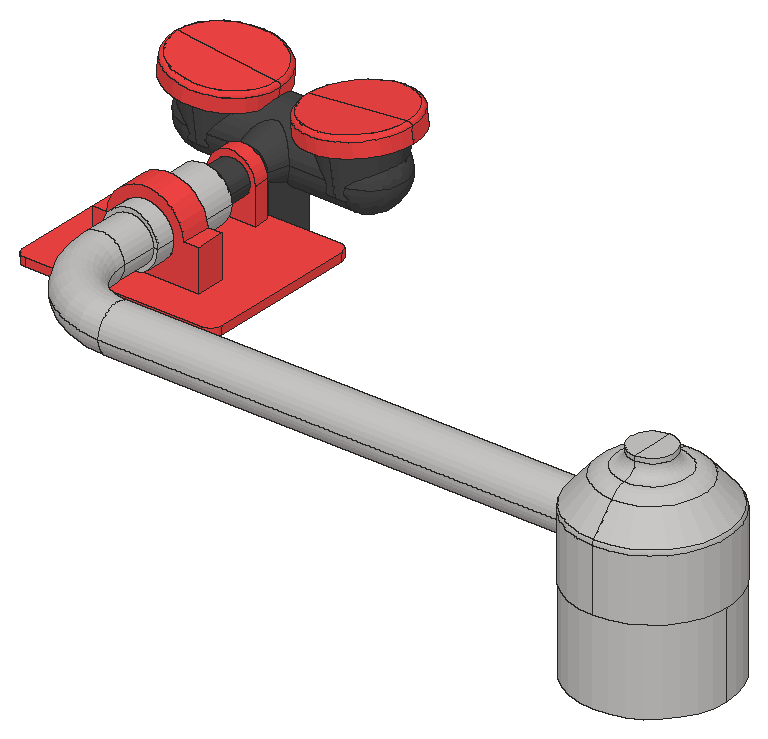
Revit family "Emergency_Equipment-Tepid-Swing_Over_Eye_Face_Wash-S2560_S2561", category Plumbing Fixtures, Revit 2016
Family settings
  Part Type = Normal
  Round Connector Dimension = Use Diameter
  OmniClass Number = 23.45.05.14.24
  OmniClass Title = Eye Wash Fountains
  Work Plane-Based = Yes
  Always vertical = No
  Cut with Voids When Loaded = No
  Shared = No
  Room Calculation Point = No
Parameters (values of type "2560-NP-NFT Left")
  nso [instance] = not([Swing Over / Actuate])  # yes
  Width = 1' - 2 77/256"  # constant formula
  Waste Connection = no
  Version = "2016-v1.0a"  # constant formula
  Vent Connection = no
  URL = "www.tepid.com"
  Swing Over / Actuate [instance] = no
  Right = not(Left)  # yes
  Product Page URL = "http://www.tepid.com/products/s2560-np-nft-nana/"
  Product Name = "Deck Mounted Swing Out Eye-Face Wash"  # constant formula
  Product Documentation Link = "http://www.tepid.com/wp-content/uploads/SpSh-S2260S2560.pdf"
  Pipe Finish = Metal - Stingray - Stainless Steel SS
  Model = "S2560-NP-NFT"
  Manufacturer Phone Number = "(888) 445-4142"  # constant formula
  Manufacturer Email = "customerservice@drenchshower.com"
  Manufacturer Address = "5330 East 25th Street Indianapolis Indiana 46218"  # constant formula
  Manufacturer = "Stingray Systems"  # constant formula
  Length = 1' - 2 77/256"  # constant formula
  Supply Connection = 1/2"  # constant formula
  Left = no
  Height = 0' - 3 77/128"  # constant formula
  HW Connection = yes
  Filter = no
  Dimension Disclaimer = "Dimensions are ±0.50”. Design and specifications are subject to change without notice."  # constant formula
  Description = "Deck Mounted Eye-Face Wash"  # constant formula
  Default Elevation = 4' - 0"
  Copyright = "© 2018 Stingray Systems"  # constant formula
  CW Connection = yes
  Angle [instance] = if(and(Left, [Swing Over / Actuate]), 90.00°, if(and(Right, [Swing Over / Actuate]), -90.00°, 0.00°))  # 0.00°
Types (5): name | Right | Model | Left | Filter
  (no name) | yes | "S2560-NP-NFT" | no | no
  S2561-NP-NFT Right | no | "S2561-NP-NFT" | yes | no
  S2561-NP-FLT Right | no | "S2561-NP-FLT" | yes | yes
  2560-NP-NFT Left | yes | "S2560-NP-NFT" | no | no
  2560-NP-FLT Left | yes | "S2560-NP-FLT" | no | yes
Reference planes (in)
  plane 1 "Center (Front/Back)": y = 0
  plane 2: z = 0
  plane 3 "Center (Left/Right)": x = 0
  plane 4 "R": z = 1.47976
  plane 5: z = 3.5
Forms (in)
  Extrusion 1, solid, material "Metal - Stingray - Stainless Steel SS" <- "Pipe Finish"
    sketch origin (0, 0, 5.37709) x (-1, 0, 0) y (0, -1, 0)
      loop
        circle (0, 0) r 1.3
    from -5.37709 to -3.89733
Lines and regions (in)
  reference lines
    curve 1: line (0, 0, 5.37709) -> (0, 6.5, 5.37709)
    curve 2: line (0, 0, 5.37709) -> (10.75, 0, 5.37709)
Dimensions and locks (in)
  locked: plane 4 "R" to plane 2 at 1.47976
  diameter of Extrusion 1 sketch curve = 0' - 2.6"
  locked: curve 2 to curve 1 (angle 90.00°)
  "Angle": angle plane 1 "Center (Front/Back)" to curve 2
  "Angle": angle plane 1 "Center (Front/Back)" to nested 1
  aligned and locked: plane 2 to level
  aligned and locked: plane 3 "Center (Left/Right)" to Extrusion 1 sketch curve
  aligned and locked: plane 1 "Center (Front/Back)" to Extrusion 1 sketch curve
  aligned and locked: Extrusion 1 to level
  aligned and locked: plane 4 "R" to Extrusion 1
  aligned and locked: plane 1 "Center (Front/Back)" to curve 1
  aligned and locked: plane 3 "Center (Left/Right)" to curve 1
  aligned and locked: curve 2 to nested 1
  aligned and locked: curve 1 to nested 1
Nested families (in)
  nested 1: "Swing_Over_Eye_Wash" at (0, 0, 1.47976) x (-1, 0, 0) z (0, 0, 1), type "Swing Over Eyewash"
    with Right yes, Left no
Connectors (in)
  piping at (0, 0, 0), diameter 0.5, driven by "Supply Connection"
    settings: on Extrusion 1, index 1, connector inside diameter 24", connector length 0' - 0", flow factor 0, pipe flow 0 GPM, pressure drop 0.00 psi, fitting loss kfactor 0, connector angle 0.00°, fixture units 0, engagement length 0' - 0", angle of deflection 0.00°, flow configuration 0, flow direction 1, fitting loss method 0, system type 22, joint type 0, gender type 0, connector reference index -1, connector utility 0, adjustable connector no, is connector primary yes, connector description "Supply Connection"
Definition of nested family "Swing_Over_Eye_Wash"
  Parameters (values of type "Swing Over Eyewash")
    Width = 0' - 7 3/4"  # constant formula
    Waste Connection = no
    Version = "2015 v1.0a"  # constant formula
    Vent Connection = no
    URL = "www.tepid.com"
    Right = not(Left)  # no
    Product Page URL = ""
    Product Name = ""
    Product Documentation Link = ""
    Pipe Finish = none
    Model = ""
    Manufacturer Phone Number = "(888) 445-4142"  # constant formula
    Manufacturer Email = ""
    Manufacturer Address = "5330 East 25th Street Indianapolis Indiana 46218"  # constant formula
    Manufacturer = "Stingray Systems"  # constant formula
    Length = 1' - 2 1/2"  # constant formula
    Supply Connection = 1"  # constant formula
    Left = yes
    Height = 0' - 3 1/2"  # constant formula
    HW Connection = yes
    Drain Connection = 1"  # constant formula
    Description = ""
    Default Elevation = 4' - 0"
    Copyright = "© 2018 Stingray Systems"  # constant formula
    CW Connection = yes
  Reference planes (in)
    plane 1 "Center (Front/Back)": y = 0
    plane 2: z = 0
    plane 3 "Center (Left/Right)": x = 0
    plane 4 "C": x = 10.75
    plane 5 "c": z = 0.625
    plane 6 "L": y = 5.59375
    plane 7 "R": y = -5.59375
  Forms (in)
    Extrusion 1, solid, visible <- "Right"
      sketch origin (10.625, 2.12449, 2.40613) x (1, 0, 0) y (0, 1, 0)
        loop
          line (-1.41501, -6.81268) -> (1.66501, -6.81268)
          arc (1.66501, -6.81268) -> (1.80035, -6.75662) -> (1.85642, -6.62128) r 0.19141
          line (1.85642, -6.62128) -> (1.85642, -4.00409)
          arc (1.85642, -4.00409) -> (1.80035, -3.86875) -> (1.66501, -3.81268) r 0.19141
          line (1.66501, -3.81268) -> (-1.41394, -3.81268)
          arc (-1.41394, -3.81268) -> (-1.54929, -3.86875) -> (-1.60535, -4.00409) r 0.19141
          line (-1.60535, -4.00409) -> (-1.60535, -6.62235)
          arc (-1.60535, -6.62235) -> (-1.5496, -6.75694) -> (-1.41501, -6.81268) r 0.19034
      from -2.45774 to -2.602
    Revolve 2, solid, visible <- "Right"
      sketch origin (0, 0, 0.625) x (0, 1, 0) y (-1, 0, 0)
        loop
          arc (-5.59758, -8.80972) -> (-6.02665, -8.98745) -> (-6.20437, -9.41652) r 0.6068
          line (-6.20437, -9.41652) -> (-6.20437, -12.08348)
          arc (-6.20437, -12.08348) -> (-6.02665, -12.51255) -> (-5.59758, -12.69028) r 0.6068
          line (-5.59758, -12.69028) -> (-5.59758, -8.80972)
        axis (-5.59758, -8.80972) -> (-5.59758, -12.69028)
      angle from 0 to 360
    Revolve 3, solid, visible <- "Right"
      sketch origin (0, -5.59375, 0) x (1, 0, 0) y (0, 0, 1)
        loop
          line (9.60703, 1.53577) -> (9.57192, 1.20179) -> (10.50229, 1.104) -> (10.5288, 1.35617)
          arc (10.5288, 1.35617) -> (10.51442, 1.40777) -> (10.47542, 1.4445) r 0.09978
          line (10.47542, 1.4445) -> (9.60703, 1.53577)
        axis (9.57192, 1.20179) -> (9.60703, 1.53577)
      angle from 0 to 360
    SweptBlend 4, solid, visible <- "Right"
      path origin (10.75, 0, 0) x (0, -1, 0) y (0, 0, 1)
        loop
          line (5.59375, 0.38887) -> (5.59375, 1.30447)
      profile origin (10.75, -5.59375, 0.38887) x (0, 1, 0) y (-1, 0, 0)
        loop
          circle (0, 1.19806) r 0.59209
      end profile origin (10.75, -5.59375, 1.30447) x (0, 1, 0) y (-1, 0, 0)
        loop
          circle (0, 1.19806) r 0.72537
    Revolve 5, solid
      sketch origin (0, 0, -1.49204) x (0, 1, 0) y (0, 0, 1)
        loop
          line (0, 1.49204) -> (1.30913, 1.49204) -> (1.30913, 2.57383)
          arc (1.30913, 2.57383) -> (1.3032, 2.61564) -> (1.28792, 2.655) r 0.18435
          line (1.28792, 2.655) -> (0.89023, 3.11107)
          arc (0.89023, 3.11107) -> (0.75781, 3.21315) -> (0.59635, 3.25661) r 0.42729
          arc (0.59635, 3.25661) -> (0.43978, 3.33206) -> (0.37929, 3.495) r 0.23246
          line (0.37929, 3.495) -> (0.37929, 3.5756) -> (0, 3.5756) -> (0, 1.49204)
        axis (0, 1.49204) -> (0, 3.5756)
      angle from 0 to 360
    Extrusion 6, solid, visible <- "Right"
      sketch origin (10.625, 0.98297, 0.625) x (0, 0, -1) y (1, 0, 0)
        loop
          arc (-0.04972, 0.79978) -> (-0.67661, 0.125) -> (-0.04972, -0.54978) r 0.67661
          line (-0.04972, -0.54978) -> (-0.04972, -0.79978) -> (0.67661, -0.79978) -> (0.67661, 1.04978) -> (-0.04972, 1.04978) -> (-0.04972, 0.79978)
        loop
          circle (0, 0.125) r 0.48438
      from 3.36087 to 3.87291
    Extrusion 7, solid, visible <- "Right"
      sketch origin (10.75, 0.98297, 0.625) x (0, 0, -1) y (1, 0, 0)
        loop
          arc (0, 0.41953) -> (-0.41953, 0) -> (0, -0.41953) r 0.41953
          line (0, -0.41953) -> (0.625, -0.41953) -> (0.625, 0.41953) -> (0, 0.41953)
        loop
          circle (0, 0) r 0.3125
      from 5.24199 to 5.49502
    Extrusion 8, solid, visible <- "Right"
      sketch origin (10.73634, 6.40917, 0.625) x (0, 0, 1) y (0, -1, 0)
        loop
          line (0, 12) -> (-2.05923, 12) -> (-2.05923, 11.29429)
          arc (-2.05923, 11.29429) -> (-2.00745, 11.16929) -> (-1.88245, 11.11752) r 0.17678
          line (-1.88245, 11.11752) -> (0, 11.11752) -> (0, 12)
      from -0.27171 to 0.29904
    Revolve 9, solid, visible <- "Right"
      sketch origin (0, -5.59375, 0) x (1, 0, 0) y (0, 0, 1)
        loop
          line (11.89297, 1.53577) -> (11.02458, 1.4445)
          arc (11.02458, 1.4445) -> (10.98558, 1.40777) -> (10.9712, 1.35617) r 0.09978
          line (10.9712, 1.35617) -> (10.99771, 1.104) -> (11.92808, 1.20179) -> (11.89297, 1.53577)
        axis (11.92808, 1.20179) -> (11.89297, 1.53577)
      angle from 0 to 360
    SweptBlend 10, solid, visible <- "Right"
      path origin (10.75, 0, 0) x (0, -1, 0) y (0, 0, 1)
        loop
          line (5.59375, 0.38887) -> (5.59375, 1.30447)
      profile origin (10.75, -5.59375, 0.38887) x (0, 1, 0) y (-1, 0, 0)
        loop
          circle (0, -1.19806) r 0.59209
      end profile origin (10.75, -5.59375, 1.30447) x (0, 1, 0) y (-1, 0, 0)
        loop
          circle (0, -1.19806) r 0.72537
    Revolve 11, solid, material <- "Pipe Finish", visible <- "Right"
      sketch origin (0, 0, 0.625) x (0, 1, 0) y (-1, 0, 0)
        loop
          line (-5.48503, -10.75) -> (-5.48503, -11.29817) -> (-4.64668, -11.0625) -> (-3.71484, -11.0625) -> (-3.71484, -11.16953) -> (-3.65, -11.23438) -> (-2.04396, -11.23438) -> (-2.04396, -10.75) -> (-5.48503, -10.75)
        axis (-2.04396, -10.75) -> (-5.48503, -10.75)
      angle from 0 to 360
    Sweep 12, solid, material <- "Pipe Finish", visible <- "Right"
      path origin (0, 0, 0.625) x (0, 1, 0) y (-1, 0, 0)
        loop
          line (-2.04396, -10.75) -> (-1.4038, -10.75)
          arc (-1.4038, -10.75) -> (-0.41116, -10.33884) -> (0, -9.3462) r 1.4038
          line (0, -9.3462) -> (0, 0)
      profile origin (4.6731, 0, 0.625) x (0, -1, 0) y (0, 0, 1)
        loop
          circle (0, 0) r 0.40625
    Revolve 13, solid, material <- "Pipe Finish", visible <- "Left"
      sketch origin (0, 0, 0.625) x (0, -1, 0) y (-1, 0, 0)
        loop
          line (-5.48503, -10.75) -> (-5.48503, -11.29817) -> (-4.64668, -11.0625) -> (-3.71484, -11.0625) -> (-3.71484, -11.16953) -> (-3.65, -11.23438) -> (-2.04396, -11.23438) -> (-2.04396, -10.75) -> (-5.48503, -10.75)
        axis (-2.04396, -10.75) -> (-5.48503, -10.75)
      angle from 0 to 360
    Sweep 14, solid, material <- "Pipe Finish", visible <- "Left"
      path origin (0, 0, 0.625) x (0, -1, 0) y (-1, 0, 0)
        loop
          line (-2.04396, -10.75) -> (-1.4038, -10.75)
          arc (-1.4038, -10.75) -> (-0.41116, -10.33884) -> (0, -9.3462) r 1.4038
          line (0, -9.3462) -> (0, 0)
      profile origin (4.6731, 0, 0.625) x (0, -1, 0) y (0, 0, 1)
        loop
          circle (0, 0) r 0.40625
    Extrusion 15, solid, visible <- "Left"
      sketch origin (10.625, -2.12449, 2.40613) x (-1, 0, 0) y (0, -1, 0)
        loop
          arc (1.41501, -6.81268) -> (1.5496, -6.75694) -> (1.60535, -6.62235) r 0.19034
          line (1.60535, -6.62235) -> (1.60535, -4.00409)
          arc (1.60535, -4.00409) -> (1.54929, -3.86875) -> (1.41394, -3.81268) r 0.19141
          line (1.41394, -3.81268) -> (-1.66501, -3.81268)
          arc (-1.66501, -3.81268) -> (-1.80035, -3.86875) -> (-1.85642, -4.00409) r 0.19141
          line (-1.85642, -4.00409) -> (-1.85642, -6.62128)
          arc (-1.85642, -6.62128) -> (-1.80035, -6.75662) -> (-1.66501, -6.81268) r 0.19141
          line (-1.66501, -6.81268) -> (1.41501, -6.81268)
      from -2.45774 to -2.602
    Revolve 16, solid, visible <- "Left"
      sketch origin (0, 0, 0.625) x (0, -1, 0) y (-1, 0, 0)
        loop
          arc (-5.59758, -8.80972) -> (-6.02665, -8.98745) -> (-6.20437, -9.41652) r 0.6068
          line (-6.20437, -9.41652) -> (-6.20437, -12.08348)
          arc (-6.20437, -12.08348) -> (-6.02665, -12.51255) -> (-5.59758, -12.69028) r 0.6068
          line (-5.59758, -12.69028) -> (-5.59758, -8.80972)
        axis (-5.59758, -8.80972) -> (-5.59758, -12.69028)
      angle from 0 to 360
    Revolve 17, solid, visible <- "Left"
      sketch origin (0, 5.59375, 0) x (1, 0, 0) y (0, 0, 1)
        loop
          line (9.60703, 1.53577) -> (9.57192, 1.20179) -> (10.50229, 1.104) -> (10.5288, 1.35617)
          arc (10.5288, 1.35617) -> (10.51442, 1.40777) -> (10.47542, 1.4445) r 0.09978
          line (10.47542, 1.4445) -> (9.60703, 1.53577)
        axis (9.57192, 1.20179) -> (9.60703, 1.53577)
      angle from 0 to 360
    SweptBlend 18, solid, visible <- "Left"
      path origin (10.75, 0, 0) x (0, -1, 0) y (0, 0, 1)
        loop
          line (-5.59375, 0.38887) -> (-5.59375, 1.30447)
      profile origin (10.75, 5.59375, 0.38887) x (0, 1, 0) y (-1, 0, 0)
        loop
          circle (0, -1.19806) r 0.59209
      end profile origin (10.75, 5.59375, 1.30447) x (0, 1, 0) y (-1, 0, 0)
        loop
          circle (0, -1.19806) r 0.72537
    Extrusion 19, solid, visible <- "Left"
      sketch origin (10.625, -0.98297, 0.625) x (0, 0, -1) y (-1, 0, 0)
        loop
          line (-0.04972, -0.79978) -> (-0.04972, -1.04978) -> (0.67661, -1.04978) -> (0.67661, 0.79978) -> (-0.04972, 0.79978) -> (-0.04972, 0.54978)
          arc (-0.04972, 0.54978) -> (-0.67661, -0.125) -> (-0.04972, -0.79978) r 0.67661
        loop
          circle (0, -0.125) r 0.48438
      from 3.36087 to 3.87291
    Extrusion 20, solid, visible <- "Left"
      sketch origin (10.75, -0.98297, 0.625) x (0, 0, -1) y (-1, 0, 0)
        loop
          line (0, -0.41953) -> (0.625, -0.41953) -> (0.625, 0.41953) -> (0, 0.41953)
          arc (0, 0.41953) -> (-0.41953, 0) -> (0, -0.41953) r 0.41953
        loop
          circle (0, 0) r 0.3125
      from 5.24199 to 5.49502
    Extrusion 21, solid, visible <- "Left"
      sketch origin (10.73634, -6.40917, 0.625) x (0, 0, 1) y (0, -1, 0)
        loop
          line (0, -12) -> (0, -11.11752) -> (-1.88245, -11.11752)
          arc (-1.88245, -11.11752) -> (-2.00745, -11.16929) -> (-2.05923, -11.29429) r 0.17678
          line (-2.05923, -11.29429) -> (-2.05923, -12) -> (0, -12)
      from -0.27171 to 0.29904
    Revolve 22, solid, visible <- "Left"
      sketch origin (0, 5.59375, 0) x (1, 0, 0) y (0, 0, 1)
        loop
          line (11.89297, 1.53577) -> (11.02458, 1.4445)
          arc (11.02458, 1.4445) -> (10.98558, 1.40777) -> (10.9712, 1.35617) r 0.09978
          line (10.9712, 1.35617) -> (10.99771, 1.104) -> (11.92808, 1.20179) -> (11.89297, 1.53577)
        axis (11.92808, 1.20179) -> (11.89297, 1.53577)
      angle from 0 to 360
    SweptBlend 23, solid, visible <- "Left"
      path origin (10.75, 0, 0) x (0, -1, 0) y (0, 0, 1)
        loop
          line (-5.59375, 0.38887) -> (-5.59375, 1.30447)
      profile origin (10.75, 5.59375, 0.38887) x (0, 1, 0) y (-1, 0, 0)
        loop
          circle (0, 1.19806) r 0.59209
      end profile origin (10.75, 5.59375, 1.30447) x (0, 1, 0) y (-1, 0, 0)
        loop
          circle (0, 1.19806) r 0.72537
  Cuts and joins
    joined: Extrusion 1, Extrusion 6, Extrusion 7
    joined: Revolve 11, Sweep 12
    joined: Revolve 13, Sweep 14
    joined: Extrusion 15, Extrusion 19, Extrusion 20
    joined: Revolve 16, Extrusion 21
    joined: Revolve 2, Extrusion 8
  Lines and regions (in)
    Masking region 1, visible <- "Left", detail levels medium+fine
      outline origin (0, 0, 0.625) x (0, 1, 0) y (-1, 0, 0)
        loop
          arc (-0.40625, -9.3754) -> (0.11557, -10.6352) -> (1.37537, -11.15702) r 1.78162
          line (1.37537, -11.15702) -> (2.04396, -11.15702) -> (2.04396, -11.23438) -> (2.3779, -11.23438) -> (2.3779, -11.67478) -> (2.88994, -11.67478) -> (2.88994, -11.23438) -> (3.65, -11.23438) -> (3.71484, -11.16953) -> (3.71484, -11.0625) -> (4.25902, -11.0625) -> (4.25902, -11.16953) -> (4.51205, -11.16953) -> (4.51205, -11.0625) -> (4.64668, -11.0625) -> (4.99045, -11.15809) -> (4.99045, -11.19083)
          arc (4.99045, -11.19083) -> (5.59361, -12.83194) -> (6.19727, -11.19101) r 0.93145
          line (6.19727, -11.19101) -> (6.19727, -10.30899)
          arc (6.19727, -10.30899) -> (5.59361, -8.66806) -> (4.99045, -10.30917) r 0.93145
          line (4.99045, -10.30917) -> (4.99045, -10.34191) -> (4.64668, -10.4375) -> (4.51205, -10.4375) -> (4.51205, -10.33047) -> (4.25902, -10.33047) -> (4.25902, -10.4375) -> (3.71484, -10.4375) -> (3.71484, -10.33047) -> (3.65, -10.26563) -> (2.88994, -10.26563) -> (2.88994, -9.82522) -> (2.3779, -9.82522) -> (2.3779, -10.26563) -> (2.04396, -10.26563) -> (2.04396, -10.34452) -> (1.37537, -10.34452)
          arc (1.37537, -10.34452) -> (0.6901, -10.06067) -> (0.40625, -9.3754) r 0.96912
          line (0.40625, -9.3754) -> (0.40625, -1.2445)
          arc (0.40625, -1.2445) -> (0, 1.30913) -> (-0.40625, -1.2445) r 1.30913
          line (-0.40625, -1.2445) -> (-0.40625, -9.3754)
    Masking region 2, visible <- "Right", detail levels medium+fine
      outline origin (0, 0, 0.625) x (-1, 0, 0) y (0, -1, 0)
        loop
          line (-9.3754, -0.40625) -> (-1.2445, -0.40625)
          arc (-1.2445, -0.40625) -> (1.30913, 0) -> (-1.2445, 0.40625) r 1.30913
          line (-1.2445, 0.40625) -> (-9.3754, 0.40625)
          arc (-9.3754, 0.40625) -> (-10.06067, 0.6901) -> (-10.34452, 1.37537) r 0.96912
          line (-10.34452, 1.37537) -> (-10.34452, 2.04396) -> (-10.26563, 2.04396) -> (-10.26563, 2.3779) -> (-9.82522, 2.3779) -> (-9.82522, 2.88994) -> (-10.26563, 2.88994) -> (-10.26563, 3.65) -> (-10.33047, 3.71484) -> (-10.4375, 3.71484) -> (-10.4375, 4.25902) -> (-10.33047, 4.25902) -> (-10.33047, 4.51205) -> (-10.4375, 4.51205) -> (-10.4375, 4.64668) -> (-10.34191, 4.99045) -> (-10.30917, 4.99045)
          arc (-10.30917, 4.99045) -> (-8.66806, 5.59361) -> (-10.30899, 6.19727) r 0.93145
          line (-10.30899, 6.19727) -> (-11.19101, 6.19727)
          arc (-11.19101, 6.19727) -> (-12.83194, 5.59361) -> (-11.19083, 4.99045) r 0.93145
          line (-11.19083, 4.99045) -> (-11.15809, 4.99045) -> (-11.0625, 4.64668) -> (-11.0625, 4.51205) -> (-11.16953, 4.51205) -> (-11.16953, 4.25902) -> (-11.0625, 4.25902) -> (-11.0625, 3.71484) -> (-11.16953, 3.71484) -> (-11.23438, 3.65) -> (-11.23438, 2.88994) -> (-11.67478, 2.88994) -> (-11.67478, 2.3779) -> (-11.23438, 2.3779) -> (-11.23438, 2.04396) -> (-11.15702, 2.04396) -> (-11.15702, 1.37537)
          arc (-11.15702, 1.37537) -> (-10.6352, 0.11557) -> (-9.3754, -0.40625) r 1.78162
    Masking region 3, visible <- "Left", detail levels coarse
      outline origin (0, 0, 0.625) x (0, 1, 0) y (-1, 0, 0)
        loop
          line (-0.40625, -1.2445) -> (-0.40625, -9.3754)
          arc (-0.40625, -9.3754) -> (0.11512, -10.63411) -> (1.37383, -11.15548) r 1.78008
          line (1.37383, -11.15548) -> (4.6623, -11.15548) -> (4.6623, -11.90049)
          arc (4.6623, -11.90049) -> (5.59375, -12.83194) -> (6.5252, -11.90049) r 0.93145
          line (6.5252, -11.90049) -> (6.5252, -9.59951)
          arc (6.5252, -9.59951) -> (5.59375, -8.66806) -> (4.6623, -9.59951) r 0.93145
          line (4.6623, -9.59951) -> (4.6623, -10.34452) -> (1.37537, -10.34452)
          arc (1.37537, -10.34452) -> (0.6901, -10.06067) -> (0.40625, -9.3754) r 0.96912
          line (0.40625, -9.3754) -> (0.40625, -1.2445)
          arc (0.40625, -1.2445) -> (0, 1.30913) -> (-0.40625, -1.2445) r 1.30913
    Masking region 4, visible <- "Right", detail levels coarse
      outline origin (0, 0, 0.625) x (-1, 0, 0) y (0, -1, 0)
        loop
          arc (-1.2445, -0.40625) -> (1.30913, 0) -> (-1.2445, 0.40625) r 1.30913
          line (-1.2445, 0.40625) -> (-9.3754, 0.40625)
          arc (-9.3754, 0.40625) -> (-10.06067, 0.6901) -> (-10.34452, 1.37537) r 0.96912
          line (-10.34452, 1.37537) -> (-10.34452, 4.6623) -> (-9.59951, 4.6623)
          arc (-9.59951, 4.6623) -> (-8.66806, 5.59375) -> (-9.59951, 6.5252) r 0.93145
          line (-9.59951, 6.5252) -> (-11.90049, 6.5252)
          arc (-11.90049, 6.5252) -> (-12.83194, 5.59375) -> (-11.90049, 4.6623) r 0.93145
          line (-11.90049, 4.6623) -> (-11.15548, 4.6623) -> (-11.15548, 1.37383)
          arc (-11.15548, 1.37383) -> (-10.63411, 0.11512) -> (-9.3754, -0.40625) r 1.78008
          line (-9.3754, -0.40625) -> (-1.2445, -0.40625)
    Masking region 5, visible <- "Left", detail levels fine
      outline origin (0, 0, 0) x (1, 0, 0) y (0, 1, 0)
        loop
          line (12.29001, 4.68819) -> (9.20999, 4.68819)
          arc (9.20999, 4.68819) -> (9.0754, 4.63244) -> (9.01965, 4.49785) r 0.19034
          line (9.01965, 4.49785) -> (9.01965, 1.8796)
          arc (9.01965, 1.8796) -> (9.07571, 1.74425) -> (9.21106, 1.68819) r 0.19141
          line (9.21106, 1.68819) -> (12.28894, 1.68819)
          arc (12.28894, 1.68819) -> (12.42429, 1.74425) -> (12.48035, 1.8796) r 0.19141
          line (12.48035, 1.8796) -> (12.48035, 4.49785)
          arc (12.48035, 4.49785) -> (12.4246, 4.63244) -> (12.29001, 4.68819) r 0.19034
    Masking region 6, visible <- "Right", detail levels fine
      outline origin (0, 0, 0) x (0, -1, 0) y (1, 0, 0)
        loop
          arc (4.68819, 12.29001) -> (4.63244, 12.4246) -> (4.49785, 12.48035) r 0.19034
          line (4.49785, 12.48035) -> (1.8796, 12.48035)
          arc (1.8796, 12.48035) -> (1.74425, 12.42429) -> (1.68819, 12.28894) r 0.19141
          line (1.68819, 12.28894) -> (1.68819, 9.21106)
          arc (1.68819, 9.21106) -> (1.74425, 9.07571) -> (1.8796, 9.01965) r 0.19141
          line (1.8796, 9.01965) -> (4.49785, 9.01965)
          arc (4.49785, 9.01965) -> (4.63244, 9.0754) -> (4.68819, 9.20999) r 0.19034
          line (4.68819, 9.20999) -> (4.68819, 12.29001)
    Masking region 7, detail levels fine
      outline origin (0, 0, 0.625) x (0, 1, 0) y (-1, 0, 0)
        loop
          circle (0, 0) r 0.40625
    symbolic lines, detail levels fine
      curve 1: arc (1.2445, 0.40625, 0.625) -> (1.30913, 0, 0.625) -> (1.2445, -0.40625, 0.625) r 1.30913
    symbolic lines, visible <- "Left", detail levels fine
      curve 2: line (10.26563, 2.3779, 0.625) -> (11.23438, 2.3779, 0.625)
      curve 3: line (11.23438, 2.88994, 0.625) -> (10.26563, 2.88994, 0.625)
      curve 4: line (10.4375, 4.25902, 0.625) -> (11.0625, 4.25902, 0.625)
      curve 5: line (11.0625, 4.51205, 0.625) -> (10.4375, 4.51205, 0.625)
      curve 6: line (10.30917, 4.99045, 0.625) -> (11.19083, 4.99045, 0.625)
      curve 12: arc (10.31484, 6.19032, 0.625) -> (10.53095, 5.58935, 0.625) -> (10.30917, 4.99045, 0.625) r 0.93145
      curve 13: arc (11.18516, 6.19032, 0.625) -> (10.96905, 5.58935, 0.625) -> (11.19083, 4.99045, 0.625) r 0.93145
    symbolic lines, visible <- "Right", detail levels fine
      curve 7: line (10.26563, -2.3779, 0.625) -> (11.23438, -2.3779, 0.625)
      curve 8: line (11.23438, -2.88994, 0.625) -> (10.26563, -2.88994, 0.625)
      curve 9: line (10.4375, -4.25902, 0.625) -> (11.0625, -4.25902, 0.625)
      curve 10: line (11.0625, -4.51205, 0.625) -> (10.4375, -4.51205, 0.625)
      curve 11: line (10.30917, -4.99045, 0.625) -> (11.19083, -4.99045, 0.625)
      curve 14: arc (10.31484, -6.19032, 0.625) -> (10.53095, -5.58935, 0.625) -> (10.30917, -4.99045, 0.625) r 0.93145
      curve 15: arc (11.18516, -6.19032, 0.625) -> (10.96905, -5.58935, 0.625) -> (11.19083, -4.99045, 0.625) r 0.93145
  Dimensions and locks (in)
    Extrusion 1 sketch curve to Extrusion 1 sketch curve to Extrusion 1 sketch curve to plane 4 "C" to Extrusion 1 sketch curve to Extrusion 1 sketch curve to Extrusion 1 sketch curve = 0' - 0 49/256" locked, 0' - 0" locked, 0' - 1.54001" locked, 0' - 1.53894" locked, 0' - 0.00107" locked, 0' - 0.19034" locked
    plane 1 "Center (Front/Back)" to Extrusion 1 sketch curve to Extrusion 1 sketch curve to Extrusion 1 sketch curve to Extrusion 1 sketch curve to Extrusion 1 sketch curve to Extrusion 1 sketch curve = 0' - 1.68819" locked, 0' - 0 49/256" locked, 0' - 0" locked, 0' - 2 79/128" locked, 0' - 0.00107" locked, 0' - 0.19034" locked
    Revolve 2 sketch curve to Revolve 2 sketch curve to Revolve 2 sketch curve = 0' - 0.6068" locked, 0' - 0" locked
    plane 1 "Center (Front/Back)" to Revolve 2 sketch curve to Revolve 2 sketch curve to Revolve 2 sketch curve to Revolve 2 sketch curve = 0' - 5.59758" locked, 0' - 0" locked, 0' - 0.6068" locked, 0' - 0" locked
    SweptBlend 4 sketch curve to SweptBlend 4 sketch curve to plane 1 "Center (Front/Back)" = 0' - 0" locked, 0' - 5 19/32" locked
    locked: plane 1 "Center (Front/Back)" to SweptBlend 4 sketch curve at 5.59375  (x2)
    Revolve 3 sketch curve to Revolve 3 sketch curve to Revolve 3 sketch curve to Revolve 3 sketch curve to Revolve 3 sketch curve to plane 4 "C" = 0' - 0.0351" locked, 0' - 0.86839" locked, 0' - 0.02687" locked, 0' - 0.0265" locked, 0' - 0.2212" locked
    plane 5 "c" to Revolve 3 sketch curve to Revolve 3 sketch curve to Revolve 3 sketch curve to Revolve 3 sketch curve to Revolve 3 sketch curve = 0' - 0.479" locked, 0' - 0.09779" locked, 0' - 0.15438" locked, 0' - 0.08833" locked, 0' - 0.09127" locked
    Extrusion 6 sketch curve to plane 5 "c" to Extrusion 6 sketch curve to Extrusion 6 sketch curve = 0' - 0.67661" locked, 0' - 0.04972" locked, 0' - 0" locked
    Extrusion 7 sketch curve to plane 4 "C" to Extrusion 7 sketch curve = 0' - 0.41953" locked, 0' - 0.41953" locked
    Extrusion 8 sketch curve to Extrusion 8 sketch curve to Extrusion 8 sketch curve to plane 1 "Center (Front/Back)" = 0' - 0.70571" locked, 0' - 0.17678" locked, 0' - 4.70834" locked
    Extrusion 8 sketch curve to plane 2 to Extrusion 8 sketch curve to Extrusion 8 sketch curve = 0' - 0 5/8" locked, 0' - 1.25745" locked, 0' - 0.17678" locked
    locked: plane 3 "Center (Left/Right)" to plane 4 "C" at 10.75
    plane 1 "Center (Front/Back)" to SweptBlend 10 sketch curve to SweptBlend 10 sketch curve = 0' - 5 19/32" locked, 0' - 0" locked
    plane 4 "C" to Revolve 9 sketch curve to Revolve 9 sketch curve to Revolve 9 sketch curve to Revolve 9 sketch curve to Revolve 9 sketch curve = 0' - 0.2212" locked, 0' - 0.0265" locked, 0' - 0.02687" locked, 0' - 0.86839" locked, 0' - 0.0351" locked
    plane 5 "c" to Revolve 9 sketch curve to Revolve 9 sketch curve to Revolve 9 sketch curve to Revolve 9 sketch curve to Revolve 9 sketch curve = 0' - 0.479" locked, 0' - 0.09779" locked, 0' - 0.15438" locked, 0' - 0.08833" locked, 0' - 0.09127" locked
    locked: plane 5 "c" to level at 0.625
    Revolve 11 sketch curve to plane 4 "C" to Revolve 11 sketch curve to Revolve 11 sketch curve to Revolve 11 sketch curve to Revolve 11 sketch curve = 0' - 0" locked, 0' - 0 5/16" locked, 0' - 0.10703" locked, 0' - 0.06484" locked, 0' - 0.06379" locked
    plane 1 "Center (Front/Back)" to Revolve 11 sketch curve to Revolve 11 sketch curve to Revolve 11 sketch curve to Revolve 11 sketch curve to Revolve 11 sketch curve = 0' - 2.04396" locked, 0' - 1.60604" locked, 0' - 0.06484" locked, 0' - 0.93184" locked, 0' - 0.83835" locked
    Sweep 12 sketch curve to Sweep 12 sketch curve to plane 1 "Center (Front/Back)" = 0' - 0.64016" locked, 0' - 1.4038" locked
    Revolve 13 sketch curve to plane 4 "C" to Revolve 13 sketch curve to Revolve 13 sketch curve to Revolve 13 sketch curve to Revolve 13 sketch curve = 0' - 0" locked, 0' - 0 5/16" locked, 0' - 0.10703" locked, 0' - 0.06484" locked, 0' - 0.06379" locked
    plane 1 "Center (Front/Back)" to Revolve 13 sketch curve to Revolve 13 sketch curve to Revolve 13 sketch curve to Revolve 13 sketch curve to Revolve 13 sketch curve = 0' - 2.04396" locked, 0' - 1.60604" locked, 0' - 0.06484" locked, 0' - 0.93184" locked, 0' - 0.83835" locked
    Extrusion 15 sketch curve to Extrusion 15 sketch curve to Extrusion 15 sketch curve to plane 4 "C" to Extrusion 15 sketch curve to Extrusion 15 sketch curve to Extrusion 15 sketch curve = 0' - 0.19034" locked, 0' - 0.00107" locked, 0' - 1.53894" locked, 0' - 1.54001" locked, 0' - 0" locked, 0' - 0 49/256" locked
    plane 1 "Center (Front/Back)" to Extrusion 15 sketch curve to Extrusion 15 sketch curve to Extrusion 15 sketch curve to Extrusion 15 sketch curve to Extrusion 15 sketch curve to Extrusion 15 sketch curve = 0' - 1.68819" locked, 0' - 0 49/256" locked, 0' - 0" locked, 0' - 2 79/128" locked, 0' - 0.00107" locked, 0' - 0.19034" locked
    Revolve 16 sketch curve to Revolve 16 sketch curve to Revolve 16 sketch curve = 0' - 0.6068" locked, 0' - 0" locked
    plane 1 "Center (Front/Back)" to Revolve 16 sketch curve to Revolve 16 sketch curve to Revolve 16 sketch curve to Revolve 16 sketch curve = 0' - 5.59758" locked, 0' - 0" locked, 0' - 0.6068" locked, 0' - 0" locked
    plane 1 "Center (Front/Back)" to SweptBlend 18 sketch curve to SweptBlend 18 sketch curve = 0' - 5 19/32" locked, 0' - 0" locked
    plane 4 "C" to Revolve 17 sketch curve to Revolve 17 sketch curve to Revolve 17 sketch curve to Revolve 17 sketch curve to Revolve 17 sketch curve = 0' - 0.2212" locked, 0' - 0.0265" locked, 0' - 0.02687" locked, 0' - 0.86839" locked, 0' - 0.0351" locked
    plane 5 "c" to Revolve 17 sketch curve to Revolve 17 sketch curve to Revolve 17 sketch curve to Revolve 17 sketch curve to Revolve 17 sketch curve = 0' - 0.479" locked, 0' - 0.09779" locked, 0' - 0.15438" locked, 0' - 0.08833" locked, 0' - 0.09127" locked
    Extrusion 19 sketch curve to plane 5 "c" to Extrusion 19 sketch curve to Extrusion 19 sketch curve = 0' - 0.67661" locked, 0' - 0.04972" locked, 0' - 0" locked
    Extrusion 20 sketch curve to plane 4 "C" to Extrusion 20 sketch curve = 0' - 0.41953" locked, 0' - 0.41953" locked
    plane 1 "Center (Front/Back)" to Extrusion 21 sketch curve to Extrusion 21 sketch curve to Extrusion 21 sketch curve = 0' - 4.70834" locked, 0' - 0.17678" locked, 0' - 0.70571" locked
    Extrusion 21 sketch curve to level to Extrusion 21 sketch curve to Extrusion 21 sketch curve = 0' - 0 5/8" locked, 0' - 1.25745" locked, 0' - 0.17678" locked
    SweptBlend 23 sketch curve to SweptBlend 23 sketch curve to plane 1 "Center (Front/Back)" = 0' - 0" locked, 0' - 5 19/32" locked
    Revolve 22 sketch curve to Revolve 22 sketch curve to Revolve 22 sketch curve to Revolve 22 sketch curve to Revolve 22 sketch curve to plane 4 "C" = 0' - 0.0351" locked, 0' - 0.86839" locked, 0' - 0.02687" locked, 0' - 0.0265" locked, 0' - 0.2212" locked
    plane 5 "c" to Revolve 22 sketch curve to Revolve 22 sketch curve to Revolve 22 sketch curve to Revolve 22 sketch curve to Revolve 22 sketch curve = 0' - 0.479" locked, 0' - 0.09779" locked, 0' - 0.15438" locked, 0' - 0.08833" locked, 0' - 0.09127" locked
    Revolve 5 sketch curve to Revolve 5 sketch curve to Revolve 5 sketch curve to Revolve 5 sketch curve to Revolve 5 sketch curve to plane 1 "Center (Front/Back)" to Revolve 5 sketch curve to Revolve 5 sketch curve = 0' - 0.02122" locked, 0' - 0.39769" locked, 0' - 0.29388" locked, 0' - 0.21705" locked, 0' - 0.37929" locked, 0' - 0" locked, 0' - 0" locked
    Revolve 5 sketch curve to Revolve 5 sketch curve to Revolve 5 sketch curve to Revolve 5 sketch curve to Revolve 5 sketch curve to Revolve 5 sketch curve to plane 2 to Revolve 5 sketch curve = 0' - 0.08061" locked, 0' - 0.23839" locked, 0' - 0.14554" locked, 0' - 0.45607" locked, 0' - 0.08118" locked, 0' - 1.08179" locked, 0' - 0" locked
    plane 1 "Center (Front/Back)" to Sweep 14 sketch curve to Sweep 14 sketch curve = 0' - 1.4038" locked, 0' - 0.64016" locked
    locked: Sweep 14 sketch curve to plane 4 "C" at 1.4038
    locked: Sweep 12 sketch curve to plane 4 "C" at 1.4038
    Extrusion 8 to plane 4 "C" to Extrusion 8 = 0' - 0.28537" locked, 0' - 0.28537" locked
    Extrusion 21 to plane 4 "C" to Extrusion 21 = 0' - 0.28537" locked, 0' - 0.28537" locked
    Extrusion 20 to Extrusion 20 to Extrusion 19 to Extrusion 19 to plane 1 "Center (Front/Back)" to cut or joined group of Extrusion 1, Extrusion 6, Extrusion 7 to cut or joined group of Extrusion 1, Extrusion 6, Extrusion 7 to cut or joined group of Extrusion 1, Extrusion 6, Extrusion 7 to cut or joined group of Extrusion 1, Extrusion 6, Extrusion 7 = 0' - 0.25302" locked, 0' - 1.36909" locked, 0' - 0.51204" locked, 0' - 2.3779" locked, 0' - 2.3779" locked, 0' - 0.51204" locked, 0' - 1.36909" locked, 0' - 0.25302" locked
    Extrusion 19 sketch curve to Extrusion 19 sketch curve to plane 4 "C" to Extrusion 19 sketch curve to Extrusion 19 sketch curve = 0' - 0 1/4" locked, 0' - 0.67478" locked, 0' - 0.67478" locked, 0' - 0 1/4" locked
    Extrusion 6 sketch curve to Extrusion 6 sketch curve to plane 4 "C" to Extrusion 6 sketch curve to Extrusion 6 sketch curve = 0' - 0 1/4" locked, 0' - 0.67478" locked, 0' - 0.67478" locked, 0' - 0 1/4" locked
    plane 2 to cut or joined group of Extrusion 1, Extrusion 6, Extrusion 7 to Extrusion 15 to cut or joined group of Extrusion 1, Extrusion 6, Extrusion 7 to Extrusion 15 = 0' - 0.05161" locked, 0' - 0" locked, 0' - 0.14426" locked, 0' - 0" locked
    Revolve 2 sketch curve to Revolve 2 sketch curve to plane 4 "C" to Revolve 2 sketch curve to Revolve 2 sketch curve = 0' - 0.6068" locked, 0' - 1.33348" locked, 0' - 1.33348" locked, 0' - 0.6068" locked
    Revolve 16 sketch curve to Revolve 16 sketch curve to plane 4 "C" to Revolve 16 sketch curve to Revolve 16 sketch curve = 0' - 0.6068" locked, 0' - 1.33348" locked, 0' - 1.33348" locked, 0' - 0.6068" locked
    locked: plane 4 "C" to SweptBlend 10 sketch curve at 1.19806  (x2)
    locked: SweptBlend 10 sketch curve to plane 1 "Center (Front/Back)" at 5.59375  (x2)
    locked: SweptBlend 4 sketch curve to plane 4 "C" at 1.19806  (x2)
    locked: SweptBlend 23 sketch curve to plane 4 "C" at 1.19806  (x2)
    locked: plane 1 "Center (Front/Back)" to SweptBlend 23 sketch curve at 5.59375  (x2)
    locked: plane 4 "C" to SweptBlend 18 sketch curve at 1.19806  (x2)
    locked: plane 1 "Center (Front/Back)" to SweptBlend 18 sketch curve at 5.59375  (x2)
    plane 6 "L" to plane 1 "Center (Front/Back)" to plane 7 "R" = 0' - 5 19/32" locked, 0' - 5 19/32" locked
    Masking region 1 sketch curve to plane 1 "Center (Front/Back)" to Masking region 1 sketch curve to Masking region 1 sketch curve to Masking region 1 sketch curve = 0' - 0 13/32" locked, 0' - 0 13/32" locked, 0' - 0.96912" locked, 0' - 0" locked
    Masking region 1 sketch curve to Masking region 1 sketch curve to Masking region 1 sketch curve to Masking region 1 sketch curve to Masking region 1 sketch curve to Masking region 1 sketch curve to Masking region 1 sketch curve to Masking region 1 sketch curve to Masking region 1 sketch curve to Masking region 1 sketch curve to Masking region 1 sketch curve to Masking region 1 sketch curve to Masking region 1 sketch curve to Masking region 1 sketch curve to Masking region 1 sketch curve to Masking region 1 sketch curve to Masking region 1 sketch curve to Masking region 1 sketch curve to plane 6 "L" to Masking region 1 sketch curve = 0' - 0" locked, 0' - 0.33393" locked, 0' - 0" locked, 0' - 0.51204" locked, 0' - 0" locked, 0' - 0.76006" locked, 0' - 0" locked, 0' - 0.06484" locked, 0' - 0" locked, 0' - 0.54418" locked, 0' - 0" locked, 0' - 0.25302" locked, 0' - 0" locked, 0' - 0.13463" locked, 0' - 0" locked, 0' - 0 11/32" locked, 0' - 0" locked, 0' - 0.6033" locked, 0' - 0.60352" locked
    Masking region 2 sketch curve to Masking region 2 sketch curve to Masking region 2 sketch curve to Masking region 2 sketch curve = 0' - 0 13/16", 0' - 0.96912" locked, 0' - 0" locked
    Masking region 2 sketch curve to Masking region 2 sketch curve to Masking region 2 sketch curve to Masking region 2 sketch curve to Masking region 2 sketch curve to Masking region 2 sketch curve to Masking region 2 sketch curve to Masking region 2 sketch curve to Masking region 2 sketch curve to Masking region 2 sketch curve to Masking region 2 sketch curve to Masking region 2 sketch curve to Masking region 2 sketch curve to Masking region 2 sketch curve to Masking region 2 sketch curve to Masking region 2 sketch curve to Masking region 2 sketch curve to Masking region 2 sketch curve to Masking region 2 sketch curve = 0' - 0" locked, 0' - 0.33393" locked, 0' - 0" locked, 0' - 0.51204" locked, 0' - 0" locked, 0' - 0.76006" locked, 0' - 0" locked, 0' - 0.06484" locked, 0' - 0" locked, 0' - 0.54418" locked, 0' - 0" locked, 0' - 0.25302" locked, 0' - 0" locked, 0' - 0.13463" locked, 0' - 0" locked, 0' - 0 11/32" locked, 0' - 0" locked, 0' - 1.20683"
    cut or joined group of Extrusion 15, Extrusion 19, Extrusion 20 to Masking region 5 sketch curve to Masking region 5 sketch curve to plane 4 "C" to Masking region 5 sketch curve to Masking region 5 sketch curve to cut or joined group of Extrusion 15, Extrusion 19, Extrusion 20 = 0' - 0.19034" locked, 0' - 0.00107" locked, 0' - 1.53894" locked, 0' - 1.53894" locked, 0' - 0.00107" locked, 0' - 0 49/256" locked
    cut or joined group of Extrusion 15, Extrusion 19, Extrusion 20 to Masking region 5 sketch curve to Masking region 5 sketch curve to Masking region 5 sketch curve to Masking region 5 sketch curve to Masking region 5 sketch curve to plane 6 "L" = 0' - 0 49/256" locked, 0' - 0" locked, 0' - 2.61826" locked, 0' - 0" locked, 0' - 0.19034" locked, 0' - 0.90556" locked
    Masking region 6 sketch curve to Masking region 6 sketch curve to Masking region 6 sketch curve to Masking region 6 sketch curve = 0' - 0.00107" locked, 0' - 3.07788", 0' - 0.00107" locked
    Masking region 6 sketch curve to Masking region 6 sketch curve to Masking region 6 sketch curve to Masking region 6 sketch curve to Masking region 6 sketch curve = 0' - 0" locked, 0' - 2.61826" locked, 0' - 0" locked, 0' - 0.19034" locked
    diameter of Sweep 12 sketch curve = 0' - 0 13/16"
    diameter of Sweep 14 sketch curve = 0' - 0 13/16"
    aligned and locked: plane 2 to level
    aligned and locked: plane 4 "C" to Revolve 11 sketch curve
    aligned and locked: Sweep 12 sketch curve to plane 1 "Center (Front/Back)"
    aligned and locked: plane 4 "C" to Sweep 12 sketch curve  (x2)
    aligned and locked: plane 1 "Center (Front/Back)" to Sweep 12 sketch curve  (x2)
    aligned and locked: plane 5 "c" to Sweep 12 sketch curve
    aligned and locked: plane 1 "Center (Front/Back)" to Revolve 11 sketch curve
    aligned and locked: Sweep 14 sketch curve to plane 1 "Center (Front/Back)"
    aligned and locked: Sweep 14 sketch curve to plane 4 "C"
    aligned and locked: plane 3 "Center (Left/Right)" to Sweep 14 sketch curve
    aligned and locked: plane 1 "Center (Front/Back)" to Sweep 14 sketch curve
    aligned and locked: plane 5 "c" to Sweep 14 sketch curve
    aligned and locked: plane 3 "Center (Left/Right)" to Sweep 12 sketch curve
    aligned and locked: plane 4 "C" to Extrusion 20 sketch curve
    aligned and locked: plane 5 "c" to Extrusion 20 sketch curve
    aligned and locked: Extrusion 20 sketch curve to plane 2
    aligned and locked: plane 5 "c" to Extrusion 19 sketch curve
    aligned and locked: plane 4 "C" to Extrusion 19 sketch curve
    aligned and locked: plane 5 "c" to Extrusion 6 sketch curve
    aligned and locked: plane 4 "C" to Extrusion 6 sketch curve
    aligned and locked: plane 4 "C" to Extrusion 7 sketch curve
    aligned and locked: plane 5 "c" to Extrusion 7 sketch curve
    aligned and locked: Extrusion 7 sketch curve to plane 2
    aligned and locked: SweptBlend 10 sketch curve to plane 4 "C"
    aligned and locked: SweptBlend 4 sketch curve to plane 4 "C"
    aligned and locked: plane 6 "L" to Masking region 1 sketch curve  (x2)
    aligned and locked: plane 3 "Center (Left/Right)" to Masking region 1 sketch curve
    aligned and locked: plane 1 "Center (Front/Back)" to Masking region 1 sketch curve
